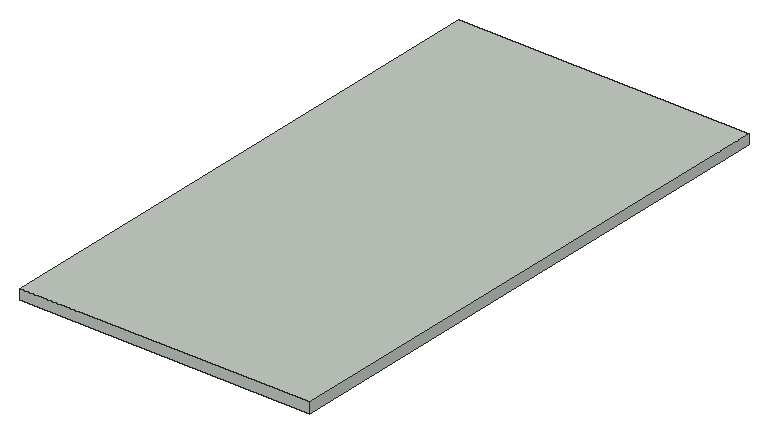
Revit family "Mirror-RectangularMirror-60cm-Vitra-İntegraSeries-62341", category Furniture Systems, host Face, Revit 2017
Family settings
  Host = Face
  Round Connector Dimension = Use Diameter
  Part Type = Normal
  OmniClass Number = 23.40.00.00
  OmniClass Title = Equipment and Furnishings
  Cut with Voids When Loaded = No
  Shared = Yes
  Room Calculation Point = No
Parameters (values of type "Mirror-60cm-Vitra-İntegra_62341")
  Youtube = "https://www.youtube.com/user/VitrAglobal"
  Width(mm) = 566 mm
  Weight Net (kg) = "8,5"
  Warranty Period (Year) = "2"
  Uniformat II Description = "FURNISHINGS"
  Uniformat II Code = "E20"
  Uniclass 2015 Name = "Mirrors"
  Uniclass 2015 Code = "Pr_25_71_53"
  Uniclass 2.0 Description = "Mirrors"
  Uniclass 1.4 Description = "Mirrors"
  Uniclass 2.0 Code = "PR-71-55"
  Uniclass 1.4 Code = "L8732"
  URL = "https://vitraglobal.com/"
  UNSPSC Description = "Mirrors"
  UNSPSC Code = "56"
  Technical description = "http://cdn.vitra.com.tr/501-62341-2A.jpg"
  Tap hole Options (default) = ""
  Specification = ""
  Region South America = "All"
  Region Oceania = "All"
  Region North America = "All"
  Region Middle East = "All"
  Region Europe = "All"
  Region Asia = "All"
  Region Antarctica = "All"
  Region Africa = "All"
  Product group = "Mirror"
  Product family = "İntegra"
  Product data url = "https://www.vitra-bad.fr/fr/produits-sanitaires/page-de-detail/product/integra-miroir-60-cm.html"
  Product certification = "https://vitraglobal.com/catalogues/quality-certificates"
  Product SKU = "62341"
  Product Guid = ""
  Primary Material = Mirror
  OmniClass Description = "Furnishings, Fixtures and Equipment Products"
  OmniClass Code = "23-21 00 00"
  Nominal width = "0.000"
  Nominal height = "0.000"
  NBS Referans Description = ""
  NBS Referans Code = ""
  Model = "62341"
  Masterformat 2014 Description = "Mirrors"
  Masterformat 2014 Code = "08 83 00"
  Manufacturer name = "Vitra"
  Manufacturer = "Vitra"
  Installation instructions = ""
  IFC Classification = "Furniture"
  Height(mm) = 1072 mm
  Design country = "Turkey"
  Description = "İntegra Mirror"
  Depth(mm) = 20 mm
  Default Elevation = 888 mm
  Construction Type = "Face Mounted"
  Color = ""
  COBIe Type Category = ""
  BIMobject category = "Mirrors"
  Article No. (default) = "62341"
  Accessories (default) = ""
Types (3, lengths in mm): name | Width(mm) | Weight Net (kg) | Technical description | Product data url | Product SKU | Model | Article No. (default)
  (no name) | 566 | "8,5" | "http://cdn.vitra.com.tr/501-62341-2A.jpg" | "https://www.vitra-bad.fr/fr/produits-sanitaires/page-de-detail/product/integra-miroir-60-cm.html" | "62341" | "62341" | "62341"
  Mirror-60cm-Vitra-İntegra_62341 | 566 | "8,5" | "http://cdn.vitra.com.tr/501-62341-2A.jpg" | "https://www.vitra-bad.fr/fr/produits-sanitaires/page-de-detail/product/integra-miroir-60-cm.html" | "62341" | "62341" | "62341"
  Mirror-80cm-Vitra-İntegra_62342 | 766 | "11" | "http://cdn.vitra.com.tr/501-62342-2A.jpg" | "https://www.vitra-bad.fr/fr/produits-sanitaires/page-de-detail/product/integra-miroir-80-cm.html" | "62342" | "62342" | "62342"
Reference planes
  plane 1 "Center (Front/Back)": y = 126.454
  plane 2: z = -0.016
  plane 3 "Center (Left/Right)": x = 17
  plane 4: x = -266
  plane 5: x = 300
  plane 6: y = 662.454
  plane 7: y = -409.546
  plane 8: z = 19.984
Forms (mm)
  Extrusion 1, solid, material "Mirror" <- "Primary Material"
    sketch origin (0, 0, -0.016) x (1, 0, 0) y (0, 1, 0)
      loop
        line (-266, 662.454) -> (-266, -409.546) -> (300, -409.546) -> (300, 662.454) -> (-266, 662.454)
    from 0 to 20
Dimensions and locks
  "Width(mm)": plane 4 to plane 5
  "Height(mm)": plane 6 to plane 7
  "Depth(mm)": plane 8 to host face
  equal spacing: plane 4, plane 3 "Center (Left/Right)", plane 5
  equal spacing: plane 6, plane 1 "Center (Front/Back)", plane 7
  aligned and locked: plane 2 to host face
  aligned and locked: level to host face
  aligned and locked: Extrusion 1 sketch curve to plane 6
  aligned and locked: Extrusion 1 sketch curve to plane 4
  aligned and locked: Extrusion 1 to plane 5
  aligned and locked: Extrusion 1 to plane 7
  aligned and locked: plane 8 to Extrusion 1
Automatic sketch dimensions
  host sketch curve to host sketch curve = 2438.4 mm  (x2)
  plane 7 to Extrusion 1 sketch curve = 0 mm
  Extrusion 1 sketch curve to plane 5 = 0 mm
